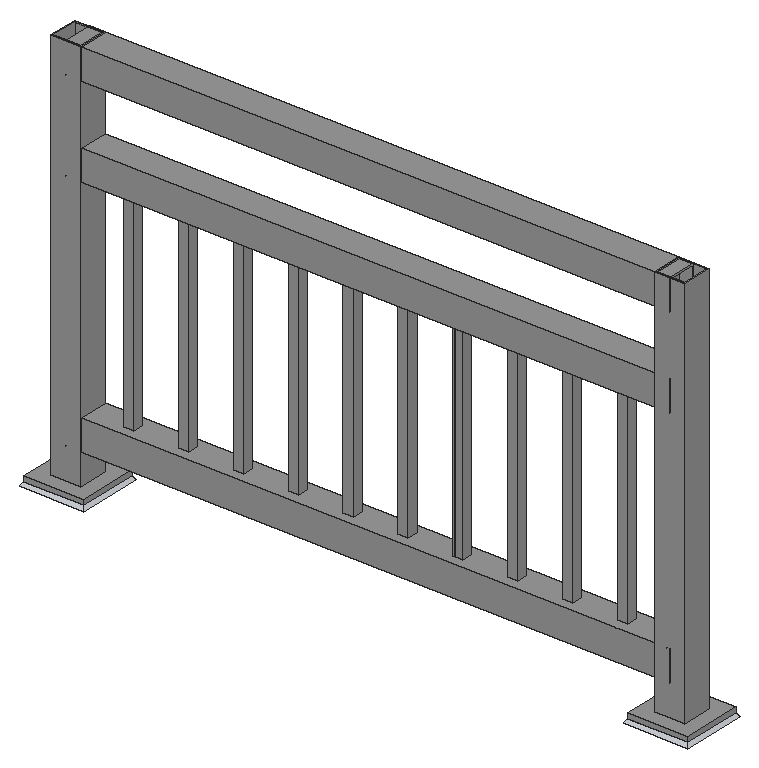
Revit family "railing_type_b", category Site, Revit 2015
Parameters
  vertical_height = 525 mm
  length = 1500 mm
  Website (Personal) = "http://revit.sg"
  NumberOfVertical = (length / 136.4 mm) + 1  # 12
  NumberOfPost = (length / 1500 mm) + 0.5  # 2
  JOIN ME! - Revit.SG = "http://revit.sg/signup_form.html"
  Creator = "Gary Lim"  # constant formula
Reference planes
  plane 1 "Center (Front/Back)": y = 0
  plane 2: z = 0
  plane 3 "Center (Left/Right)": x = 0
  plane 4 "toprailstart": x = 75
  plane 5: y = 75
  plane 6: z = 1000
  plane 7: x = -5
  plane 8: y = 155
  plane 9: y = -5
  plane 10: z = 10
  plane 11: x = 1575
  plane 12: z = 925
  plane 13: z = 10
  plane 14 "bottomrail": z = 100
  plane 15 "bottomvertical": z = 175
  plane 16: x = 211.364
  plane 17: z = 775
Forms (mm)
  Extrusion 1, solid, material "Steel"
    sketch origin (0, 0, 0) x (1, 0, 0) y (0, 1, 0)
      loop
        line (0, 150) -> (0, 0) -> (150, 0) -> (150, 150) -> (0, 150)
    from 10 to 22
  Extrusion 2, solid, material "Aluminium"
    sketch origin (0, 0, 0) x (1, 0, 0) y (0, 1, 0)
      loop
        line (37.5, 112.5) -> (37.5, 37.5) -> (112.5, 37.5) -> (112.5, 112.5) -> (37.5, 112.5)
      loop
        line (40.5, 40.5) -> (109.5, 40.5) -> (109.5, 109.5) -> (40.5, 109.5) -> (40.5, 40.5)
    from 22 to 1000
  Blend 3, solid
    base sketch origin (0, 0, 0) x (1, 0, 0) y (0, 1, 0)
      loop
        line (155, 155) -> (-5, 155) -> (-5, -5) -> (155, -5) -> (155, 155)
    top sketch origin (0, 0, 0) x (1, 0, 0) y (0, 1, 0)
      loop
        line (0, 150) -> (0, 0) -> (150, 0) -> (150, 150) -> (0, 150)
    from 0 to 10
  Extrusion 4, solid, material "Aluminium"
    sketch origin (75, 0, 0) x (0, 1, 0) y (0, 0, 1)
      loop
        line (37.5, 1000) -> (37.5, 925) -> (112.5, 925) -> (112.5, 1000) -> (37.5, 1000)
      loop
        line (40.5, 997) -> (40.5, 928) -> (109.5, 928) -> (109.5, 997) -> (40.5, 997)
    from 0 to 1500
  Extrusion 5, solid, material "Steel"
    sketch origin (1500, 0, 0) x (1, 0, 0) y (0, 1, 0)
      loop
        line (0, 150) -> (0, 0) -> (150, 0) -> (150, 150) -> (0, 150)
    from 10 to 22
  Extrusion 6, solid, material "Aluminium"
    sketch origin (1500, 0, 0) x (1, 0, 0) y (0, 1, 0)
      loop
        line (37.5, 112.5) -> (37.5, 37.5) -> (112.5, 37.5) -> (112.5, 112.5) -> (37.5, 112.5)
      loop
        line (40.5, 40.5) -> (109.5, 40.5) -> (109.5, 109.5) -> (40.5, 109.5) -> (40.5, 40.5)
    from 22 to 1000
  Blend 7, solid
    base sketch origin (1500, 0, 0) x (1, 0, 0) y (0, 1, 0)
      loop
        line (155, 155) -> (-5, 155) -> (-5, -5) -> (155, -5) -> (155, 155)
    top sketch origin (1500, 0, 0) x (1, 0, 0) y (0, 1, 0)
      loop
        line (0, 150) -> (0, 0) -> (150, 0) -> (150, 150) -> (0, 150)
    from 0 to 10
  Extrusion 8, solid, material "Aluminium"
    sketch origin (75, 0, -803) x (0, 1, 0) y (0, 0, 1)
      loop
        line (37.5, 978) -> (37.5, 903) -> (112.5, 903) -> (112.5, 978) -> (37.5, 978)
      loop
        line (40.5, 975) -> (40.5, 906) -> (109.5, 906) -> (109.5, 975) -> (40.5, 975)
    from 0 to 1500
  Extrusion 9, solid, material "Aluminium"
    sketch origin (75, 0, -203) x (0, 1, 0) y (0, 0, 1)
      loop
        line (37.5, 978) -> (37.5, 903) -> (112.5, 903) -> (112.5, 978) -> (37.5, 978)
      loop
        line (40.5, 975) -> (40.5, 906) -> (109.5, 906) -> (109.5, 975) -> (40.5, 975)
    from 0 to 1500
Dimensions and locks
  plane 8 to Extrusion 1 = 5 mm
  group 1 to group 2 = 1500 mm
  group 1 to group 2 = 0 mm  (x2)
  "length": plane 4 "toprailstart" to plane 11
  equal spacing: group 3, group 4, group 5, group 6, group 7, group 8, group 9, group 10, group 11, group 12, group 13, group 14  (x3)
  aligned and locked: level to plane 2
  aligned and locked: Extrusion 2 to Extrusion 1
  aligned and locked: plane 6 to Extrusion 2
  aligned and locked: Blend 3 to Extrusion 1
  aligned and locked: plane 11 to Extrusion 4
  aligned and locked: Extrusion 6 to Extrusion 5
  aligned and locked: Blend 7 to Extrusion 5
  aligned and locked: Extrusion 8 to plane 4 "toprailstart"
  aligned and locked: plane 11 to Extrusion 8
  aligned and locked: nested 1 to plane 15 "bottomvertical"
  aligned and locked: plane 15 "bottomvertical" to nested 1
  aligned and locked: nested 12 to plane 15 "bottomvertical"
  aligned and locked: plane 11 to Extrusion 9
Automatic sketch dimensions
  Extrusion 4 sketch curve to plane 12 = 0 mm
  Extrusion 4 sketch curve to plane 6 = 0 mm
  Extrusion 4 sketch curve to plane 1 "Center (Front/Back)" = 37.5 mm
  Extrusion 4 sketch curve to Extrusion 4 sketch curve = 3 mm  (x2)
  Extrusion 4 sketch curve to plane 6 = 3 mm
  plane 5 to Extrusion 4 sketch curve = 34.5 mm
  plane 12 to Extrusion 4 sketch curve = 3 mm
  Extrusion 8 sketch curve to plane 14 "bottomrail" = 0 mm
  Extrusion 8 sketch curve to plane 15 "bottomvertical" = 0 mm
  Extrusion 8 sketch curve to plane 1 "Center (Front/Back)" = 37.5 mm
  Extrusion 8 sketch curve to Extrusion 8 sketch curve = 3 mm  (x2)
  Extrusion 8 sketch curve to plane 15 "bottomvertical" = 3 mm
  plane 5 to Extrusion 8 sketch curve = 34.5 mm
  plane 14 "bottomrail" to Extrusion 8 sketch curve = 3 mm
  Extrusion 9 sketch curve to plane 17 = 0 mm
  Extrusion 9 sketch curve to plane 1 "Center (Front/Back)" = 37.5 mm
  Extrusion 9 sketch curve to Extrusion 9 sketch curve = 3 mm  (x3)
  Extrusion 9 sketch curve to plane 17 = 3 mm
  plane 5 to Extrusion 9 sketch curve = 34.5 mm
  Extrusion 9 sketch curve to Extrusion 9 sketch curve = 69 mm
Nested families
  nested 1: "post_25mm" at (75, 62.5, 175), type "post_25mm"
    with vertical_height 525 mm
  nested 2: "post_25mm" at (211.364, 62.5, 175), type "post_25mm"
    with vertical_height 525 mm
  nested 3: "post_25mm" at (347.727, 62.5, 175), type "post_25mm"
    with vertical_height 525 mm
  nested 4: "post_25mm" at (484.091, 62.5, 175), type "post_25mm"
    with vertical_height 525 mm
  nested 5: "post_25mm" at (620.454, 62.5, 175), type "post_25mm"
    with vertical_height 525 mm
  nested 6: "post_25mm" at (756.818, 62.5, 175), type "post_25mm"
    with vertical_height 525 mm
  nested 7: "post_25mm" at (893.182, 62.5, 175), type "post_25mm"
    with vertical_height 525 mm
  nested 8: "post_25mm" at (1029.545, 62.5, 175), type "post_25mm"
    with vertical_height 525 mm
  nested 9: "post_25mm" at (1165.909, 62.5, 175), type "post_25mm"
    with vertical_height 525 mm
  nested 10: "post_25mm" at (1302.272, 62.5, 175), type "post_25mm"
    with vertical_height 525 mm
  nested 11: "post_25mm" at (1438.636, 62.5, 175), type "post_25mm"
    with vertical_height 525 mm
  nested 12: "post_25mm" at (1575, 62.5, 175), type "post_25mm"
    with vertical_height 525 mm
Definition of nested family "post_25mm"
  Parameters (values of type "post_25mm")
    vertical_height = 728 mm
  Reference planes
    plane 1 "Center (Front/Back)": y = 0
    plane 2: z = 0
    plane 3 "Center (Left/Right)": x = 0
    plane 4: z = 728
  Forms (mm)
    Extrusion 1, solid
      sketch origin (0, 0, 0) x (1, 0, 0) y (0, 1, 0)
        loop
          line (-12.5, 0) -> (12.5, 0) -> (12.5, 25) -> (-12.5, 25) -> (-12.5, 0)
        loop
          line (9.5, 22) -> (-9.5, 22) -> (-9.5, 3) -> (9.5, 3) -> (9.5, 22)
      from 0 to 728 <- "vertical_height"
  Dimensions and locks
    plane 3 "Center (Left/Right)" to Extrusion 1 = 12.5 mm
    aligned and locked: level to plane 2
    aligned and locked: plane 4 to Extrusion 1
